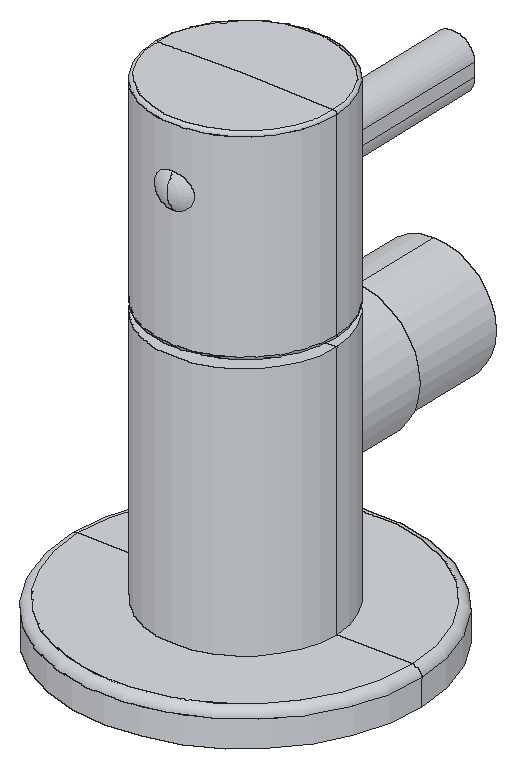
Revit family "Faucet-Angle_Valve-KOHLER-Cuff-K-37317D", category Plumbing Fixtures, host Face, Revit 2021
Family settings
  Host = Face
  Round Connector Dimension = Use Diameter
  Part Type = Normal
  OmniClass Number = 23.31.11.00
  OmniClass Title = Faucets
  Cut with Voids When Loaded = No
  Shared = No
  Room Calculation Point = No
Parameters (values of type "CP-Polished Chrome")
  Width = 2 93/256"  # constant formula
  WaterSense Certified = 1 = 0  # no
  Waste Water Outlet = "Waste Water Outlet"  # constant formula
  Waste Connection = 1 = 0  # no
  Vent Connection = 1 = 0  # no
  URL = "https://me.kohler.com/"
  Type = 1
  Tempered Water Inlet = "Tempered Water"  # constant formula
  Spout Reach = 0"
  Product Page URL = ""
  Product Name = "Cuff\r\n"  # constant formula
  Product Documentation Link = ""
  Pressure = 0.00 psi
  Model = if(Type = 1, "K-37317D-CP", "NA")  # "K-37317D-CP"
  Material = "Premium Metal Construction"  # constant formula
  Master Format 2014 Name = "Residential Faucets, Supplies, and Trim"  # constant formula
  Master Format 2014 = "22 41 39"  # constant formula
  Manufacturer Address = "Office 1704, 17th Floor, Thuraya Tower-1, Dubai Internet City P.O. Box 500431 | Dubai, United Arab Emirates"  # constant formula
  Manufacturer = "Kohler Co."  # constant formula
  Length = 3 99/256"  # constant formula
  Hot Water Inlet = "Hot Water Inlet"  # constant formula
  Height = 2 93/256"  # constant formula
  Handle Clearance = 1 13/16"  # constant formula
  HW Connection = 1 = 0  # no
  Flow Rate = 0 GPM
  Finish = Kohler-Metal-CP-Polished_Chrome
  Faucet Hole Spacing = 0"
  Environmental Product Declaration = ""
  Drain Included = 1 = 0  # no
  Description = "Angle Valve 1/2inch"  # constant formula
  Default Elevation = 36"
  Declare Label = ""
  Date Modified = "11/14/2022"  # constant formula
  Date Created = "11/14/2022"  # constant formula
  Copyright = "Copyright Kohler Co."  # constant formula
  Contact Us = "https://me.kohler.com/contact-us/"
  Cold Water Outlet = "Cold Water Outlet"  # constant formula
  Cold Water Inlet = "Cold Water Inlet"  # constant formula
  CW Connection = 1 = 1  # yes
  Assembly Code = "D2010"
  ADA Compliant = 1 = 0  # no
Reference planes (in)
  plane 1 "Center (Front/Back)": y = 0
  plane 2: z = -0.00089
  plane 3 "Center (Left/Right)": x = 0
  plane 4: x = -0.61011
  plane 5: x = 0.61036
  plane 6: y = -1.18111
  plane 7: x = 1.18013
  plane 8: z = 2.69541
  plane 9: z = 1.29777
  plane 10: y = 0.61024
  plane 11: y = -0.61024
  plane 12 "A": y = 1.58147
  plane 13: y = 1.8125
  plane 14: x = -1.18316
  plane 15: y = 0.61024
  plane 16: y = 1.18217
  plane 17: z = 3.38672
Dimensions and locks (in)
  locked: plane 9 to level at 1.29777
  plane 8 to level = 2.69541"  (x3)
  plane 5 to plane 4 = 1.22047"
  "Handle Clearance": plane 1 "Center (Front/Back)" to plane 13
  plane 13 to plane 12 "A" = 0.23103"
  "Width": plane 14 to plane 7
  "Height": plane 16 to plane 6
  "Length": level to plane 17
  aligned and locked: plane 2 to host face
  aligned and locked: level to host face
Automatic sketch dimensions
  host sketch curve to host sketch curve = 96"  (x2)
Nested families (in)
  nested 1: "K-37317D" at (0, 0, 0) x (-1, 0, 0) z (0, 0, 1), type "K-37317D"
Connectors (in)
  piping at (0, 0.00033, 0), diameter 0.5, driven by "CW Connection", driven by "Cold Water Inlet"
    settings: on nested 1, index 1, connector inside diameter 24", connector length 0", flow factor 0, pipe flow 0 GPM, pressure drop 0.00 psi, fitting loss kfactor 0, connector angle 0.00°, fixture units 0, engagement length 0", angle of deflection 0.00°, flow configuration 0, flow direction 1, fitting loss method 0, system type 20, joint type 0, gender type 0, connector reference index -1, connector utility 1, adjustable connector no, is connector primary yes, connector description "Cold Water Inlet"
  piping at (-0.05923, 1.58, 1.29777), diameter 0.5, driven by "CW Connection", driven by "Cold Water Outlet"
    settings: on nested 1, index 2, connector inside diameter 24", connector length 0", flow factor 0, pipe flow 0 GPM, pressure drop 0.00 psi, fitting loss kfactor 0, connector angle 0.00°, fixture units 0, engagement length 0", angle of deflection 0.00°, flow configuration 0, flow direction 2, fitting loss method 0, system type 20, joint type 0, gender type 0, connector reference index -1, connector utility 1, adjustable connector no, is connector primary no, connector description "Cold Water Outlet"
Definition of nested family "K-37317D"
  Parameters (values of type "K-37317D")
    Material = none
    Default Elevation = 0"
  Reference planes (in)
    plane 1 "Center (Front/Back)": y = 0
    plane 2: z = 0
    plane 3 "Center (Left/Right)": x = 0
    plane 4: x = 1.1811
    plane 5: x = -1.1811
    plane 6: z = 3.38583
    plane 7: x = 0.61036
    plane 8: x = -0.61011
    plane 9: z = 2.69541
    plane 10: z = 1.29777
    plane 11: z = 2.95526
    plane 12: y = 0.61024
    plane 13: y = 1.1811
    plane 14: y = -1.1811
    plane 15: y = -1.81102
    plane 16: y = -0.61024
    plane 17: y = -1.58
  Forms (in)
    Revolve 1, solid, material <- "Material", detail levels medium+fine
      sketch origin (0, -0.00033, 0) x (-1, 0, 0) y (0, 0, 1)
        loop
          line (-0.61011, 0.23675) -> (-1.12051, 0.23675)
          arc (-1.12051, 0.23675) -> (-1.16336, 0.21901) -> (-1.1811, 0.17617) r 0.06059
          line (-1.1811, 0.17617) -> (-1.1811, 0) -> (0, 0) -> (0, 3.38583)
          arc (0, 3.38583) -> (-0.29429, 3.38637) -> (-0.58842, 3.37665) r 8.43557
          arc (-0.58842, 3.37665) -> (-0.60382, 3.36957) -> (-0.61011, 3.35383) r 0.02284
          line (-0.61011, 3.35383) -> (-0.61011, 2.0309)
          arc (-0.61011, 2.0309) -> (-0.60434, 2.01698) -> (-0.59042, 2.01121) r 0.01969
          line (-0.59042, 2.01121) -> (-0.50967, 2.01121)
          arc (-0.50967, 2.01121) -> (-0.48429, 1.98584) -> (-0.50967, 1.96046) r 0.02538
          line (-0.50967, 1.96046) -> (-0.61011, 1.96046) -> (-0.61011, 0.23675)
        axis (0, 3.38583) -> (0, 0)
      angle from 0 to 360
    Revolve 2, solid, material <- "Material", detail levels medium+fine
      sketch origin (0, -0.03202, 0) x (0, -1, 0) y (0, 0, 1)
        loop
          line (-0.68173, 2.95671) -> (-0.61024, 2.95671) -> (-0.61024, 3.10421)
          arc (-0.61024, 3.10421) -> (-0.66292, 3.03866) -> (-0.68173, 2.95671) r 0.1879
        axis (-0.68173, 2.95671) -> (-0.61024, 2.95671)
      angle from 0 to 360
    Revolve 3, solid, material <- "Material", detail levels medium+fine
      sketch origin (0, 0.63456, 0) x (0, -1, 0) y (0, 0, 1)
        loop
          line (2.21457, 1.29777) -> (2.21457, 1.71256) -> (1.52492, 1.71256) -> (1.52492, 1.75333) -> (0.90531, 1.75333) -> (0.90531, 1.29777) -> (2.21457, 1.29777)
        axis (2.21457, 1.29777) -> (0.90531, 1.29777)
      angle from 0 to 360
    Extrusion 4, solid, material <- "Material", detail levels medium+fine
      sketch origin (0, 0.01719, 0) x (-1, 0, 0) y (0, 0, 1)
        loop
          line (0.14109, 2.64798) -> (0.14109, 2.74274)
          arc (0.14109, 2.74274) -> (0.00004, 2.8838) -> (-0.14102, 2.74274) r 0.14106
          line (-0.14102, 2.74274) -> (-0.14102, 2.64798)
          arc (-0.14102, 2.64798) -> (0.00004, 2.50693) -> (0.14109, 2.64798) r 0.14106
      from -1.75786 to 0.24213
    Revolve 5, solid, material <- "Material", detail levels coarse
      sketch origin (0, 0, 0) x (0, 1, 0) y (0, 0, 1)
        loop
          line (-0.00033, 0) -> (1.20538, 0) -> (1.20538, 0.3289) -> (0.61483, 0.3289) -> (0.61483, 3.41057) -> (-0.00033, 3.41057) -> (-0.00033, 0)
        axis (-0.00033, 3.41057) -> (-0.00033, 0)
      angle from 0 to 360
    Revolve 6, solid, material <- "Material", detail levels coarse
      sketch origin (0, 0, 0) x (0, 1, 0) y (0, 0, 1)
        loop
          line (-1.76527, 2.69536) -> (-0.42002, 2.69536) -> (-0.42002, 2.96202) -> (-1.76527, 2.96202) -> (-1.76527, 2.69536)
        axis (-1.76527, 2.69536) -> (-0.42002, 2.69536)
      angle from 0 to 360
    Revolve 7, solid, material <- "Material", detail levels coarse
      sketch origin (0, 0, 0) x (0, 1, 0) y (0, 0, 1)
        loop
          line (0.58148, 2.95671) -> (0.68906, 2.95671)
          arc (0.68906, 2.95671) -> (0.65971, 3.05435) -> (0.58148, 3.11973) r 0.17751
          line (0.58148, 3.11973) -> (0.58148, 2.95671)
        axis (0.58148, 2.95671) -> (0.68906, 2.95671)
      angle from 0 to 360
    Extrusion 8, void
      sketch origin (0, 0, 0) x (1, 0, 0) y (0, 0, 1)
        loop
          circle (0, 1.29777) r 0.29613
      from 0.81954 to 1.78019
    Extrusion 9, solid, material <- "Material", detail levels coarse
      sketch origin (0, 0, 0) x (1, 0, 0) y (0, 0, 1)
        loop
          circle (0, 1.29921) r 0.5
      from 0 to 1.74067
  Cuts and joins
    Extrusion 8 cuts Revolve 3
    joined: Revolve 1, Revolve 2, Revolve 3, Extrusion 4
  Lines and regions (in)
    Masking region 1
      outline origin (0, 0.01378, 0) x (-1, 0, 0) y (0, -1, 0)
        loop
          arc (-0.41335, 1.11998) -> (-0.00002, -1.16754) -> (0.41335, 1.11997) r 1.1811
          line (0.41335, 1.11997) -> (0.41335, 1.59379) -> (0.14149, 1.59379) -> (0.14149, 1.79345)
          arc (0.14149, 1.79345) -> (0.13453, 1.811) -> (0.11743, 1.81902) r 0.02561
          line (0.11743, 1.81902) -> (0.04577, 1.8234)
          arc (0.04577, 1.8234) -> (0, 1.82479) -> (-0.04577, 1.8234) r 0.75085
          line (-0.04577, 1.8234) -> (-0.11743, 1.81902)
          arc (-0.11743, 1.81902) -> (-0.13453, 1.811) -> (-0.14149, 1.79345) r 0.02561
          line (-0.14149, 1.79345) -> (-0.14149, 1.59379) -> (-0.41335, 1.59379) -> (-0.41335, 1.11998)
    Masking region 2
      outline origin (0, 0, 0) x (1, 0, 0) y (0, 0, 1)
        loop
          arc (1.1811, 0.17736) -> (1.16371, 0.21936) -> (1.12171, 0.23675) r 0.05939
          line (1.12171, 0.23675) -> (0.61036, 0.23675) -> (0.61036, 1.96067) -> (0.48911, 1.96067) -> (0.48911, 2.01139) -> (0.58914, 2.01139)
          arc (0.58914, 2.01139) -> (0.60397, 2.01753) -> (0.61036, 2.03236) r 0.02097
          line (0.61036, 2.03236) -> (0.61036, 3.36614)
          arc (0.61036, 3.36614) -> (0.6046, 3.38006) -> (0.59068, 3.38583) r 0.01969
          line (0.59068, 3.38583) -> (-0.59042, 3.38583)
          arc (-0.59042, 3.38583) -> (-0.60434, 3.38006) -> (-0.61011, 3.36614) r 0.01969
          line (-0.61011, 3.36614) -> (-0.61011, 2.03236)
          arc (-0.61011, 2.03236) -> (-0.60397, 2.01753) -> (-0.58914, 2.01139) r 0.02097
          line (-0.58914, 2.01139) -> (-0.48911, 2.01139) -> (-0.48911, 1.96067) -> (-0.61011, 1.96067) -> (-0.61011, 0.23675) -> (-1.12601, 0.23675)
          arc (-1.12601, 0.23675) -> (-1.16497, 0.22062) -> (-1.1811, 0.18166) r 0.05509
          line (-1.1811, 0.18166) -> (-1.1811, 0) -> (1.1811, 0) -> (1.1811, 0.17736)
    Masking region 3
      outline origin (0, -0.00807, 0) x (0, -1, 0) y (0, 0, -1)
        loop
          arc (0.5772, -3.38583) -> (0.59486, -3.37851) -> (0.60217, -3.36086) r 0.02497
          line (0.60217, -3.36086) -> (0.60217, -2.9966)
          arc (0.60217, -2.9966) -> (0.63518, -2.9169) -> (0.71487, -2.88389) r 0.1127
          line (0.71487, -2.88389) -> (1.76958, -2.88389)
          arc (1.76958, -2.88389) -> (1.78404, -2.87805) -> (1.79038, -2.8638) r 0.02082
          line (1.79038, -2.8638) -> (1.80295, -2.69541) -> (1.79038, -2.52701)
          arc (1.79038, -2.52701) -> (1.78404, -2.51277) -> (1.76958, -2.50693) r 0.02082
          line (1.76958, -2.50693) -> (0.71487, -2.50693)
          arc (0.71487, -2.50693) -> (0.63518, -2.47391) -> (0.60217, -2.39422) r 0.1127
          line (0.60217, -2.39422) -> (0.60217, -2.01207) -> (0.48453, -2.01207) -> (0.48453, -1.96046) -> (0.60217, -1.96046) -> (0.60217, -1.86111)
          arc (0.60217, -1.86111) -> (0.63458, -1.78286) -> (0.71283, -1.75045) r 0.11066
          line (0.71283, -1.75045) -> (0.88516, -1.75045) -> (0.88516, -1.71587) -> (1.57194, -1.71587) -> (1.57194, -0.88587) -> (0.88516, -0.88587) -> (0.88516, -0.84509) -> (0.71283, -0.84509)
          arc (0.71283, -0.84509) -> (0.63458, -0.81268) -> (0.60217, -0.73443) r 0.11066
          line (0.60217, -0.73443) -> (0.60217, -0.23675) -> (1.11433, -0.23675)
          arc (1.11433, -0.23675) -> (1.15584, -0.21956) -> (1.17303, -0.17805) r 0.0587
          line (1.17303, -0.17805) -> (1.17303, 0) -> (-1.18917, 0) -> (-1.18917, -0.17763)
          arc (-1.18917, -0.17763) -> (-1.17185, -0.21944) -> (-1.13005, -0.23675) r 0.05913
          line (-1.13005, -0.23675) -> (-0.61831, -0.23675) -> (-0.61831, -1.96046) -> (-0.48453, -1.96046) -> (-0.48453, -2.01207) -> (-0.59724, -2.01207)
          arc (-0.59724, -2.01207) -> (-0.61213, -2.01824) -> (-0.61831, -2.03314) r 0.02107
          line (-0.61831, -2.03314) -> (-0.61831, -2.81596)
          arc (-0.61831, -2.81596) -> (-0.68209, -2.95647) -> (-0.61831, -3.09698) r 0.18665
          line (-0.61831, -3.09698) -> (-0.61831, -3.35441)
          arc (-0.61831, -3.35441) -> (-0.6091, -3.37663) -> (-0.58689, -3.38583) r 0.03142
          line (-0.58689, -3.38583) -> (0.5772, -3.38583)
    symbolic lines, detail levels medium+fine
      curve 1: arc (0, 0.60835, 3.09861) -> (0, 0.58007, 2.95647) -> (0, 0.60835, 2.81433) r 0.37141
      curve 2: arc (0, -0.61024, 2.9966) -> (0, -0.56403, 2.69541) -> (0, -0.61024, 2.39422) r 1.00464
      curve 3: line (0, -0.61024, 1.86111) -> (0, -0.61024, 0.73443)
      curve 4: arc (0, -0.61024, 1.86111) -> (0, -0.3757, 1.29777) -> (0, -0.61024, 0.73443) r 0.79383
      curve 5: line (0, -1.77765, 2.88389) -> (0, -1.77765, 2.50693)
      curve 6: line (0, 0.60835, 3.35441) -> (0, -0.60939, 3.35441)
      curve 7: line (0, 0.47646, 2.01207) -> (0, -0.4926, 2.01207)
      curve 8: line (0, 0.47646, 1.96046) -> (0, -0.4926, 1.96046)
      curve 9: line (0, -0.7209, 1.75045) -> (0, -0.7209, 0.84509)
      curve 10: line (0, -0.89343, 1.71587) -> (0, -0.89343, 0.88587)
      curve 11: line (0, 0.60835, 0.23675) -> (0, -0.61044, 0.23675)
      curve 12: line (0.48911, 0, 2.01139) -> (-0.48911, 0, 2.01139)
      curve 13: line (0.48911, 0, 1.96067) -> (-0.48911, 0, 1.96067)
      curve 14: line (0.61011, 0, 0.23675) -> (-0.61011, 0, 0.23675)
      curve 15: line (0.61036, 0, 3.36614) -> (-0.61011, 0, 3.36614)
      curve 16: line (0.41335, -1.58, 0) -> (0.14149, -1.58, 0)
      curve 17: line (-0.14149, -1.58, 0) -> (-0.41335, -1.58, 0)
      curve 18: line (-0.41335, -1.58, 0) -> (-0.41335, -0.89036, 0)
      curve 19: line (-0.41335, -0.89036, 0) -> (-0.45412, -0.89036, 0)
      curve 20: line (0.45412, -0.40777, 0) -> (0.45412, -0.89036, 0)
      curve 21: line (0.45412, -0.89036, 0) -> (0.41335, -0.89036, 0)
      curve 22: line (0.41335, -0.89036, 0) -> (0.41335, -1.58, 0)
      curve 23: circle (0, -0.00033, 0) r 0.61011 normal (0, 0, -1)
      curve 24: line (-0.41335, -0.89036, 0) -> (-0.14149, -0.89036, 0)
      curve 25: line (-0.14149, -1.58, 0) -> (-0.14149, -0.59381, 0)
      curve 26: line (0.14149, -1.58, 0) -> (0.14149, -0.59381, 0)
      curve 27: line (0.14149, -0.89036, 0) -> (0.41335, -0.89036, 0)
      curve 28: arc (-0.14149, 0.59315, 0) -> (0, 0.6556, 0) -> (0.14149, 0.59315, 0) r 0.19148
      curve 29: line (0, -0.96573, 1.71587) -> (0, -1.0203, 1.62136)
      curve 30: line (0, -1.0203, 1.62136) -> (0, -1.04562, 1.71587)
      curve 31: line (0, -1.04562, 1.71587) -> (0, -1.0848, 1.71587)
      curve 32: line (0, -1.0848, 1.71587) -> (0, -1.13161, 1.63481)
      curve 33: line (0, -1.13161, 1.63481) -> (0, -1.16941, 1.71587)
      curve 34: line (0, -1.16941, 1.71587) -> (0, -1.20087, 1.71587)
      curve 35: line (0, -1.20087, 1.71587) -> (0, -1.24952, 1.63162)
      curve 36: line (0, -1.24952, 1.63162) -> (0, -1.28881, 1.71587)
      curve 37: line (0, -1.28881, 1.71587) -> (0, -1.32023, 1.71587)
      curve 38: line (0, -1.32023, 1.71587) -> (0, -1.36596, 1.63666)
      curve 39: line (0, -1.36596, 1.63666) -> (0, -1.41169, 1.71587)
      curve 40: line (0, -1.41169, 1.71587) -> (0, -1.4434, 1.71587)
      curve 41: line (0, -1.4434, 1.71587) -> (0, -1.48445, 1.64476)
      curve 42: line (0, -1.48445, 1.64476) -> (0, -1.52551, 1.71587)
      curve 43: line (0, -1.52551, 1.71587) -> (0, -1.55797, 1.71587)
      curve 44: line (0, -1.55797, 1.71587) -> (0, -1.58, 1.69384)
      curve 45: line (0, -1.02218, 0.88587) -> (0, -1.06832, 0.96578)
      curve 46: line (0, -1.06832, 0.96578) -> (0, -1.11446, 0.88587)
      curve 47: line (0, -1.11446, 0.88587) -> (0, -1.14988, 0.88587)
      curve 48: line (0, -1.14988, 0.88587) -> (0, -1.1811, 0.96724)
      curve 49: line (0, -1.1811, 0.96724) -> (0, -1.23662, 0.88587)
      curve 50: line (0, -1.23662, 0.88587) -> (0, -1.26988, 0.88587)
      curve 51: line (0, -1.26988, 0.88587) -> (0, -1.30039, 0.9697)
      curve 52: line (0, -1.30039, 0.9697) -> (0, -1.34879, 0.88587)
      curve 53: line (0, -1.34879, 0.88587) -> (0, -1.38015, 0.88587)
      curve 54: line (0, -1.38015, 0.88587) -> (0, -1.41971, 0.97069)
      curve 55: line (0, -1.41971, 0.97069) -> (0, -1.46868, 0.88587)
      curve 56: line (0, -1.46868, 0.88587) -> (0, -1.50279, 0.88587)
      curve 57: line (0, -1.50279, 0.88587) -> (0, -1.54301, 0.95554)
      curve 58: line (0, -1.54301, 0.95554) -> (0, -1.58, 0.89146)
      curve 59: line (0, -0.96573, 1.71587) -> (0, -1.02218, 0.88587)
      curve 60: line (0, -1.0203, 1.62136) -> (0, -1.06832, 0.96578)
      curve 61: line (0, -1.13161, 1.63481) -> (0, -1.1811, 0.96724)
      curve 62: line (0, -1.24952, 1.63162) -> (0, -1.30039, 0.9697)
      curve 63: line (0, -1.36596, 1.63666) -> (0, -1.41971, 0.97069)
      curve 64: line (0, -1.48445, 1.64476) -> (0, -1.54301, 0.95554)
      curve 65: arc (0.14102, 0, 2.64798) -> (-0.00004, 0, 2.50693) -> (-0.14109, 0, 2.64798) r 0.14106
      curve 66: arc (-0.14109, 0, 2.74274) -> (-0.00004, 0, 2.8838) -> (0.14102, 0, 2.74274) r 0.14106
      curve 67: circle (0, 0, 1.29921) r 0.29613 normal (0, -1, 0)
      curve 68: circle (0, 0, 1.29921) r 0.41335 normal (0, 1, 0)
      curve 69: line (-0.14109, 0, 2.74274) -> (-0.14109, 0, 2.64798)
      curve 70: line (0.14102, 0, 2.74274) -> (0.14102, 0, 2.64798)
      curve 71: arc (-0.34629, 0, 1.69891) -> (-0.00579, 0, 1.86905) -> (0.33694, 0, 1.70347) r 0.43155
      curve 72: arc (-0.48911, 0, 1.29777) -> (-0.4489, 0, 1.50945) -> (-0.34629, 0, 1.69891) r 0.70093
      curve 73: arc (0.48911, 0, 1.29777) -> (0.44732, 0, 1.51385) -> (0.34057, 0, 1.70632) r 0.70093
      curve 74: arc (-0.34629, 0, 0.89663) -> (-0.00292, 0, 0.72648) -> (0.34046, 0, 0.89663) r 0.43155
      curve 75: arc (-0.48911, 0, 1.29777) -> (-0.4489, 0, 1.08609) -> (-0.34629, 0, 0.89663) r 0.70093
      curve 76: arc (0.48911, 0, 1.29777) -> (0.4489, 0, 1.08609) -> (0.34629, 0, 0.89663) r 0.70093
      curve 77: circle (0, 0, 1.29777) r 0.36183 normal (0, -1, 0)
      curve 78: line (-0.41335, -1.17049, 0) -> (-0.33521, -1.21561, 0)
      curve 79: line (-0.33521, -1.21561, 0) -> (-0.41335, -1.26256, 0)
      curve 80: line (-0.41335, -1.28816, 0) -> (-0.33431, -1.33379, 0)
      curve 81: line (-0.33431, -1.33379, 0) -> (-0.41335, -1.37943, 0)
      curve 82: line (-0.41335, -1.40765, 0) -> (-0.33535, -1.45269, 0)
      curve 83: line (-0.33535, -1.45269, 0) -> (-0.41335, -1.49772, 0)
      curve 84: line (-0.41335, -1.5243, 0) -> (-0.33452, -1.56981, 0)
      curve 85: line (-0.33452, -1.56981, 0) -> (-0.35502, -1.58, 0)
      curve 86: line (0.33865, -1.1575, 0) -> (0.41335, -1.20063, 0)
      curve 87: line (0.41335, -1.22914, 0) -> (0.33533, -1.27418, 0)
      curve 88: line (0.33533, -1.27418, 0) -> (0.41335, -1.31923, 0)
      curve 89: line (0.41335, -1.3466, 0) -> (0.33298, -1.393, 0)
      curve 90: line (0.33298, -1.393, 0) -> (0.41335, -1.4394, 0)
      curve 91: line (0.41335, -1.46645, 0) -> (0.33598, -1.51111, 0)
      curve 92: line (0.33598, -1.51111, 0) -> (0.41335, -1.55578, 0)
      curve 93: line (0.33533, -1.27418, 0) -> (0.14149, -1.29144, 0)
      curve 94: line (-0.14149, -1.31663, 0) -> (-0.33431, -1.33379, 0)
      curve 95: line (-0.33521, -1.21561, 0) -> (-0.14149, -1.1989, 0)
      curve 96: line (-0.33535, -1.45269, 0) -> (-0.14149, -1.43537, 0)
      curve 97: line (-0.33452, -1.56981, 0) -> (-0.14149, -1.55291, 0)
      curve 98: line (0.41335, -1.55578, 0) -> (0.38913, -1.58, 0)
      curve 99: line (0.14149, -1.4101, 0) -> (0.33298, -1.393, 0)
      curve 100: line (0.14149, -1.52814, 0) -> (0.33598, -1.51111, 0)
      curve 101: line (-0.41335, -1.14238, 0) -> (-0.33425, -1.09853, 0)
      curve 102: line (0.33865, -1.1575, 0) -> (0.41335, -1.1161, 0)
      curve 103: line (0.41335, -0.99213, 0) -> (0.14149, -0.99213, 0)
      curve 104: line (0.41335, -0.99213, 0) -> (0.33406, -1.03608, 0)
      curve 105: line (0.33406, -1.03608, 0) -> (0.41335, -1.08185, 0)
      curve 106: line (0.41335, -1.08185, 0) -> (0.41335, -1.1161, 0)
      curve 107: line (-0.41335, -1.05296, 0) -> (-0.33425, -1.09853, 0)
      curve 108: line (-0.33425, -1.09853, 0) -> (-0.14149, -1.08052, 0)
      curve 109: line (0.33865, -1.1575, 0) -> (0.14149, -1.1745, 0)
      curve 110: line (0.14149, -1.05407, 0) -> (0.33406, -1.03608, 0)
      curve 111: line (-0.14149, -0.99213, 0) -> (-0.41335, -0.99213, 0)
      curve 112: circle (0, 0, 0) r 0.5845 normal (0, 0, 1)
      curve 113: line (-0.45412, -0.89036, 0) -> (-0.45412, -0.40777, 0)
      curve 114: line (0, 1.1811, 0.17763) -> (0, -1.1811, 0.17763)
      curve 115: line (-1.1811, 0, 0.18166) -> (1.17968, 0, 0.18166)
  Dimensions and locks (in)
    plane 5 to plane 4 = 2.3622"
    locked: plane 3 "Center (Left/Right)" to plane 5 at 1.1811
    locked: plane 4 to plane 5 at 2.3622
    locked: plane 6 to level at 3.38583  (x2)
    locked: plane 3 "Center (Left/Right)" to plane 7 at 0.61036
    locked: plane 8 to plane 7 at 1.22047  (x2)
    locked: level to plane 10 at 1.29921
    locked: level to plane 9 at 2.69685
    plane 11 to level = 2.95526"
    locked: plane 11 to plane 10 at 1.65749
    locked: plane 10 to plane 9 at 1.39764
    locked: level to plane 6 at 3.38583
    locked: level to plane 11 at 2.95526
    locked: level to plane 10 at 1.29777  (x2)
    locked: level to plane 9 at 2.69541
    locked: plane 11 to level at 2.95526
    plane 12 to plane 1 "Center (Front/Back)" = 0.61024"
    locked: plane 13 to plane 1 "Center (Front/Back)" at 1.1811
    locked: plane 13 to plane 14 at 2.3622
    locked: plane 15 to plane 1 "Center (Front/Back)" at 1.81102
    locked: plane 10 to level at 1.29777
    aligned and locked: plane 2 to level
